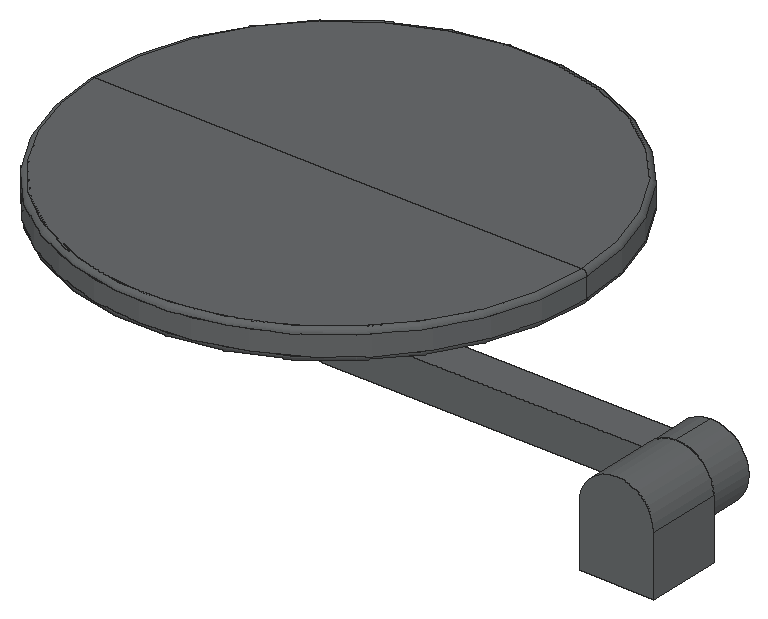
Revit family "Grohe_ShavingMirror_102279KF00", category Plumbing Fixtures, host Face, Revit 2020
Family settings
  Host = Face
  Round Connector Dimension = Use Diameter
  Part Type = Normal
  OmniClass Number = 23.45.05.00
  OmniClass Title = Sanitary Equipment
  Cut with Voids When Loaded = No
  Shared = No
  Room Calculation Point = No
Parameters (values of type "Shaving Mirror (102279KF00)")
  _ObjectUserGuide = "https://www.bimstore.co/products/grohe-102279kf00/document/object-user-guide"
  _DistributedBy = "https://www.bimstore.co/"
  _CurrentRevision = 1
  _CreatedBy = "https://www.bimstore.co/"
  _BimSpecGuid = 0
  _BSBibleVersion = 17
  _AuthorizedBy = "bimstore"
  _Author = "RL 171"
  WarrantyStartDate [instance] = "Please Record on Commissioning"
  WarrantyGuarantorParts = "info-uk@grohe.com"
  WarrantyGuarantorLabor = "info-uk@grohe.com"
  WarrantyDurationUnit = "Years"
  WarrantyDurationParts = "0"
  WarrantyDurationLabor = "0"
  WarrantyDescription = "n/a"
  URL = "https://www.grohe.co.uk/en_gb/-102279KF00.html"
  TypeName = "Shaving Mirror"
  Type Comments = "Shaving Mirror"
  TPIDocumentLink = "https://cdn.cloud.grohe.com/tpi/2000/2200/2200/2200/2200584/original/2200584.pdf"
  SustainabilityReport = "green.grohe.com/reporting"
  SustainabilityAward = "green.grohe.com/awards"
  SpareParts = "info-uk@grohe.com"
  Size = "n/a"
  Shape = "n/a"
  SerialNumber [instance] = "Please Record on Commissioning"
  ReplacementCost = "n/a"
  ReferencedStandard = "n/a"
  ProductionYear = "2023"
  ProductType = "Accessory Bath"
  ProductShortText = "Shaving mirror"
  ProductNumber = "102279KF00"
  ProductDescription = "material: glass / metal\r\n\r\nwithout lights\r\n\r\nmagnification: x 7\r\n\r\nconcealed fastening\r\n\r\nGROHE Long-Life finish"
  PrimaryMaterial = Grohe_Black
  PQDiagramLink = "n/a"
  NominalLength = 0 mm
  NominalHeight = 0 mm
  NominalDepth = 0 mm
  NBSReference = "45-35-70/275"
  NBSOfficeMasterTag = "n/a"
  NBSObjectName = "Grohe - Shower fittings package"
  NBSNote = "n/a"
  NBSDescription = "Shower fittings package"
  ModelReference = "Shaving Mirror"
  ModelNumber = "102279KF00"
  Model = "Shaving Mirror"
  Material = "n/a"
  ManufacturerName = "Grohe"
  Manufacturer = "Grohe"
  Keynote = "N16"
  InstallationVideo = "n/a"
  InstallationDate [instance] = "Please Record on Commissioning"
  IfcExportType = "IfcPipeFittingType"
  IfcExportAs = "IfcPipeFitting"
  Grade = "n/a"
  GROHESustainability = "green.grohe.com"
  GROHESocialCommittment = "green.grohe.com/social_engagement"
  FullRecyclabilityOfPlastic = "All plastic components are fully recycable"
  Finish = "Black"
  Features = "n/a"
  ExpectedLife = 0
  Ecojoy = no
  DurationUnit = "Years"
  DocumentationTechnical = "https://www.bimstore.co/products/grohe-102279kf00/document/technical-data-sheet"
  DocumentationMaintenance = "https://www.bimstore.co/products/grohe-102279kf00/document/maintenance-information"
  DocumentationLiterature = "https://www.bimstore.co/products/grohe-102279kf00/document/product-literature"
  DocumentationInstallationGuide = "https://www.bimstore.co/products/grohe-102279kf00/document/installation-guide"
  DocumentationCertificates = "https://www.bimstore.co/products/grohe-102279kf00/document/product-certificates"
  DimensionsDocumentLink = "https://cdn.cloud.grohe.com/dimdraw/100000/100000/100000/100100/100170/100175/100175297/1280/100175297.jpg"
  Description = "Shaving Mirror"
  Default Elevation = 0 mm
  CreatedOn = "2023-12-05T:09:00:00"
  CreatedBy = "info-uk@grohe.com"
  CradleToCradleCertification = "n/a"
  Cost = 0
  Constituents = "n/a"
  Color = "Grohe_Black"
  CodePerformance = "n/a"
  ClassificationValue = "Pr_40_20_87_55"
  ClassificationName = "Uniclass2015"
  CO2NeutralProduction = "GROHE is one of the first leading manufacturer within the sanitary industry having a CO2-neutral production."
  BarCode [instance] = "Please Record on Commissioning"
  BIMObjectName = "Grohe_ShavingMirror_102279KF00"
  AssetType = "Fixed"
  AssetIdentifier [instance] = "n/a"
  Assembly Code = "D2013"
  AccessibilityPerformance = "n/a"
Reference planes
  plane 1 "Center (Front/Back)": y = 0
  plane 2: z = 0
  plane 3 "Center (Left/Right)": x = 0
Forms (mm)
  Extrusion 1, solid, material "Grohe_Black" <- "PrimaryMaterial"
    sketch origin (0, 0, 0) x (0, 1, 0) y (0, 0, 1)
      loop
        line (30.5, 66.495) -> (15.5, 66.495) -> (15.5, 56.491) -> (30.5, 56.491) -> (30.5, 66.495)
    from -154 to -131
  Extrusion 2, solid, material "Grohe_Black" <- "PrimaryMaterial"
    sketch origin (0, 0, 112.981) x (0, 1, 0) y (0, 0, 1)
      loop
        line (31, -77.706) -> (31, -65.454)
        arc (31, -65.454) -> (23, -57.454) -> (15, -65.454) r 8
        line (15, -65.454) -> (15, -77.706) -> (31, -77.706)
    from -139 to -135
  Extrusion 3, solid, material "Grohe_Black" <- "PrimaryMaterial"
    sketch origin (0, 0, 112.981) x (0, 1, 0) y (0, 0, 1)
      loop
        line (31, -77.706) -> (31, -65.454)
        arc (31, -65.454) -> (23, -57.454) -> (15, -65.454) r 8
        line (15, -65.454) -> (15, -77.706) -> (31, -77.706)
    from -150 to -146
  Extrusion 4, solid, material "Grohe_Black" <- "PrimaryMaterial"
    sketch origin (0, 0, 112.981) x (0, 1, 0) y (0, 0, 1)
      loop
        line (15.5, -56.491) -> (15.5, -65.454)
        arc (15.5, -65.454) -> (23, -72.954) -> (30.5, -65.454) r 7.5
        line (30.5, -65.454) -> (30.5, -56.491) -> (15.5, -56.491)
    from -145 to -140
  Extrusion 5, solid, material "Grohe_Black" <- "PrimaryMaterial"
    sketch origin (0, 0, 112.981) x (0, 1, 0) y (0, 0, 1)
      loop
        circle (23, -65.454) r 7
      loop
        line (31, -77.706) -> (31, -75.436) -> (15, -75.436) -> (15, -77.706) -> (31, -77.706)
    from -146 to -139
  Revolve 6, solid, material "Grohe_Black" <- "PrimaryMaterial"
    sketch origin (0, 23, 0) x (1, 0, 0) y (0, 0, 1)
      loop
        line (-142.5, 66.495) -> (-142.5, 81.495) -> (-240.5, 81.495)
        arc (-240.5, 81.495) -> (-241.914, 80.91) -> (-242.5, 79.495) r 2
        line (-242.5, 79.495) -> (-242.5, 71.495)
        arc (-242.5, 71.495) -> (-241.914, 70.081) -> (-240.5, 69.495) r 2
        line (-240.5, 69.495) -> (-232.369, 69.495)
        arc (-232.369, 69.495) -> (-231.145, 69.077) -> (-230.433, 67.995) r 2
        arc (-230.433, 67.995) -> (-229.721, 66.914) -> (-228.496, 66.495) r 2
        line (-228.496, 66.495) -> (-142.5, 66.495)
      axis (-142.5, 66.495) -> (-142.5, 81.495)
    angle from 0 to 360
  Extrusion 7, solid, material "Grohe_Black" <- "PrimaryMaterial"
    sketch origin (0, 0, 0) x (1, 0, 0) y (0, 0, 1)
      loop
        line (-135, 35.275) -> (-150, 35.275) -> (-150, 24.536)
        arc (-150, 24.536) -> (-142.5, 17.036) -> (-135, 24.536) r 7.5
        line (-135, 24.536) -> (-135, 35.275)
    from -25.503 to -20.5
  Extrusion 8, solid, material "Grohe_Black" <- "PrimaryMaterial"
    sketch origin (0, 0, 0) x (1, 0, 0) y (0, 0, 1)
      loop
        line (-12.04, 16.5) -> (-12.04, 31.5) -> (-142.5, 31.5)
        arc (-142.5, 31.5) -> (-150, 24) -> (-142.5, 16.5) r 7.5
        line (-142.5, 16.5) -> (-12.04, 16.5)
    from -30.5 to -15.5
  Revolve 9, solid, material "Grohe_Black" <- "PrimaryMaterial"
    sketch origin (0, 0, 0) x (0, 1, 0) y (0, 0, 1)
      loop
        line (32.5, 39) -> (15, 39) -> (15, 24) -> (32.5, 24) -> (32.5, 39)
      axis (15, 24) -> (32.5, 24)
    angle from 0 to 360
  Extrusion 10, solid, material "Grohe_Black" <- "PrimaryMaterial"
    sketch origin (0, 0, 0) x (1, 0, 0) y (0, 0, 1)
      loop
        arc (15, 24) -> (0, 39) -> (-15, 24) r 15
        line (-15, 24) -> (-15, 0) -> (15, 0) -> (15, 24)
    from -15 to 15
Dimensions and locks
  aligned and locked: plane 2 to host face
  aligned and locked: level to host face
